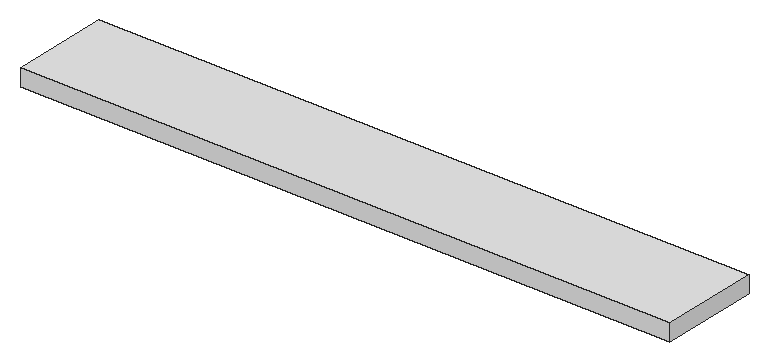
Revit family "11-TRIMBOARD-AND-STEALTH-TRIM-CADS-107-Trimboard-6-4x8-4-REVIT_Versatex-Generic-Model-6-4in-x-8in-TRIMBOARD", category Generic Models, host Face, Revit 2026
Family settings
  Host = Face
  Can host rebar = No
  Round Connector Dimension = Use Diameter
  Part Type = Normal
  Cut with Voids When Loaded = No
  Maintain Annotation Orientation = No
  Shared = No
  Room Calculation Point = No
Parameters
  Model = "TBSM/TR640818"
  Length = 4' - 0"
  Warranty = "https://versatex.com/warranty/"
  URL = "https://versatex.com/"
  Specification = "https://www.arcat.com/company/versatex-45716/spec?coid=45716"
  Sales Information = "https://versatex.com/dealer-locator/"
  Message Manufacturer = "https://versatex.com/contact/"
  Material = Versatex PVC - Smooth
  Manufacturer Website = "https://versatex.com/"
  Manufacturer Phone = "724-857-1111"
  Manufacturer Fax = "724-857-1171"
  Manufacturer Address = "400 Steel Street, Aliquippa, PA 15001"
  Manufacturer = "Versatex"
  Literature = "https://versatex.com/literature/?_sft_literature_category=cads"
  Description = "NOMINAL 6/4” x 8” TRIMBOARD"
  Default Elevation = 4' - 0"
  Copyright = "© 2024 VERSATEX Building Products, LLC"
Reference planes (in)
  plane 1 "Center (Front/Back)": y = 0
  plane 2: z = 0
  plane 3 "Center (Left/Right)": x = 0
  plane 4: x = 24
  plane 5: x = -24
Forms (in)
  Sweep 1, solid, material "Versatex PVC - Smooth" <- "Material"
    path origin (0, 0, 0) x (1, 0, 0) y (0, 1, 0)
      loop
        line (-24, 0) -> (24, 0)
    profile "Versatex_Profile_6-4” x 8” TRIMBOARD : Versatex_Profile_6-4” x 8” TRIMBOARD" origin (0, 0, 0) x (0, 1, 0) y (0, 0, 1)
      loop
        line (0, 0) -> (7.25, 0) -> (7.25, 1.25) -> (0, 1.25) -> (0, 0)
Dimensions and locks (in)
  "Length": plane 5 to plane 4
  equal spacing: plane 5, plane 3 "Center (Left/Right)", plane 4, locked at 24 each
  aligned and locked: plane 2 to host face
  aligned and locked: level to host face
Automatic sketch dimensions
  host sketch curve to host sketch curve = 8' - 0"  (x2)
  plane 1 "Center (Front/Back)" to Sweep 1 sketch curve = 0' - 0"
  Sweep 1 sketch curve to plane 5 = 0' - 0"
  Sweep 1 sketch curve to plane 4 = 0' - 0"
